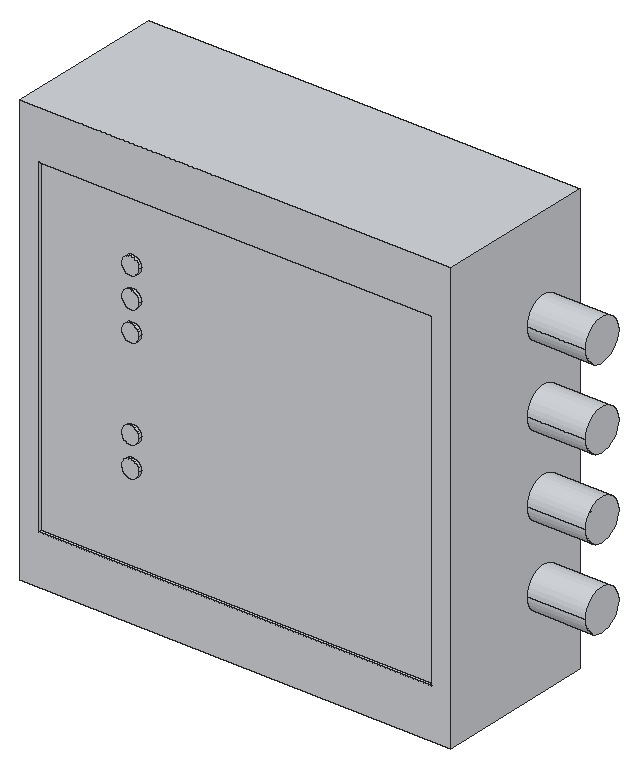
Revit family "МТС-x_18.01.2022", category Оборудование, Revit 2020
Family settings
  Размер круглого соединителя = Использовать диаметр
  Классификация = Нет
  Тип детали = Нормальный
  На основе рабочей плоскости = Нет
  Всегда вертикально = Да
  При загрузке вырезать с полостями = Нет
  Общий = Нет
  Точка расчета площади = Нет
Parameters (values of type "МТС-x")
  Электропитание (≤ 2,0 Вт, см. Приложение) [instance] = "=11÷30,5 В"
  Фирма-изготовитель [instance] = "Плазма-Т"
  Степень защиты оболочки [instance] = "IP65"
  Средний срок службы [instance] = "не менее 10 лет"
  Сопротивление подводящих проводов [instance] = "не более 300 Ом"
  Световая сигнализация_Шлейф 3_МТС-1/МТС-2/МТС-3 [instance] = "-/-/+"
  Световая сигнализация_Шлейф 2_МТС-1/МТС-2/МТС-3 [instance] = "-/+/+"
  Световая сигнализация_Шлейф 1_МТС-1/МТС-2/МТС-3 [instance] = "+/+/+"
  Световая сигнализация_Работа [instance] = "+"
  Световая сигнализация_Авария [instance] = "+"
  Отметка по умолчанию = 0 mm
  Общее описание [instance] = "Пороговый модуль контроля термокабеля МТС-х\r\nМодуль МТС-х – это блок обработки, который совместно с термокабелями является извещателем пожарным тепловым линейным (ИПТЛ).\r\n\r\nМодуль МТС-х предназначен для контроля состояния чувствительных элементов (термокабелей) и выдачи дискретных сигналов об их состоянии в линию связи. Допускается применение прибора с чувствительным элементом, расположенным во взрывоопасной зоне с использованием барьера искрозащиты ШСБ-ТК (Эрвист)."
  Напряжение/ток питания шлейфов, не более [instance] = "5,0 В/1,5 мА"
  Ширина = 160 mm
  Масса [instance] = "не более 0,5 кг"
  Контроль исправности шлейфов [instance] = "КЗ/обрыв"
  Контроль вскрытия корпуса [instance] = "+"
  Количество термошлейфов_МТС-1/МТС-2/МТС-3 [instance] = "1/2/3"
  Климатическое исполнение [instance] = "УХЛ 3.1."
  Допустимое удельное сопротивление термокабеля [instance] = "0,05÷0,70 Ом/м"
  Допустимая относительная влажность [instance] = "до 93% при 40°C"
  Длина термошлейфа (при 0,656 Ом/м) [instance] = "0÷3000 м"
  Длина термошлейфа (при 0,19 Ом/м) [instance] = "0÷10000 м"
  Диапазон рабочих температур [instance] = "от -40°C до +55°C"
  Выходы Пожар (125VAC/0,5 A, 24VDC/1A), «сухой перекидной контакт»_МТС-1/МТС-2/МТС-3 [instance] = "1/2/3"
  Выход Авария (125VAC/0,5 A, 24VDC/1A), «сухой перекидной контакт» [instance] = "+"
  Глубина = 60 mm
  Высота = 160 mm
Reference planes
  plane 1 "По центру (Вперед/Назад)": y = 0
  plane 2: z = 0
  plane 3 "По центру (Влево/Вправо)": x = 0
  plane 4: x = 160
  plane 5: y = -60
  plane 6: z = 160
  plane 7: y = -17
  plane 8: x = 41
  plane 9: z = 35
  plane 10: z = 65
  plane 11: z = 95
  plane 12: z = 125
  plane 13: z = 51.4
  plane 14: z = 62.6
  plane 15: z = 96.6
  plane 16: z = 107.8
  plane 17: z = 119
Forms (mm)
  Extrusion 1, solid
    sketch origin (0, 0, 0) x (1, 0, 0) y (0, 1, 0)
      loop
        line (0, 0) -> (0, -60) -> (160, -60) -> (160, 0) -> (0, 0)
    from 0 to 160
  Extrusion 2, void
    sketch origin (160, -60, 0) x (1, 0, 0) y (0, 0, -1)
      loop
        line (-153, -141.5) -> (-7, -141.5) -> (-7, -18.5) -> (-153, -18.5) -> (-153, -141.5)
    from 0 to 1
  Extrusion 3, solid
    sketch origin (0, -60, 0) x (0, 1, 0) y (0, 0, -1)
      loop
        circle (43, -35) r 7.6
      loop
        circle (43, -65) r 7.6
      loop
        circle (43, -95) r 7.6
      loop
        circle (43, -125) r 7.6
    from 0 to 22
  Extrusion 4, solid
    sketch origin (160, -59, 0) x (-1, 0, 0) y (0, 0, -1)
      loop
        circle (119, -51.4) r 3.25
      loop
        circle (119, -62.6) r 3.25
      loop
        circle (119, -96.6) r 3.25
      loop
        circle (119, -107.8) r 3.25
      loop
        circle (119, -119) r 3.25
    from 0 to 1
  Extrusion 5, solid
    sketch origin (160, 0, 0) x (0, -1, 0) y (0, 0, -1)
      loop
        circle (17, -125) r 7.6
      loop
        circle (17, -95) r 7.6
      loop
        circle (17, -65) r 7.6
      loop
        circle (17, -35) r 7.6
    from 0 to 22
Cuts and joins
  Extrusion 2 cuts Extrusion 1
Dimensions and locks
  "Глубина": plane 1 "По центру (Вперед/Назад)" to plane 5
  "Высота": plane 6 to level
  locked: Extrusion 2 sketch curve to plane 4 at 7
  locked: plane 6 to Extrusion 2 sketch curve at 18.5
  locked: Extrusion 2 sketch curve to plane 3 "По центру (Влево/Вправо)" at 7
  locked: Extrusion 2 sketch curve to level at 18.5
  locked: cut or joined group of Extrusion 1, Extrusion 2 to plane 8 at 34
  locked: plane 1 "По центру (Вперед/Назад)" to plane 7 at 17
  "Ширина": plane 4 to plane 3 "По центру (Влево/Вправо)"
  locked: plane 9 to level at 35
  locked: plane 10 to level at 65
  locked: plane 11 to level at 95
  locked: plane 12 to level at 125
  locked: cut or joined group of Extrusion 1, Extrusion 2 to plane 17 at 22.5
  locked: cut or joined group of Extrusion 1, Extrusion 2 to plane 16 at 33.7
  locked: cut or joined group of Extrusion 1, Extrusion 2 to plane 15 at 44.9
  locked: cut or joined group of Extrusion 1, Extrusion 2 to plane 14 at 78.9
  locked: cut or joined group of Extrusion 1, Extrusion 2 to plane 13 at 90.1
  diameter of Extrusion 3 sketch curve = 15.2 mm
  diameter of Extrusion 4 sketch curve = 6.5 mm
  aligned and locked: level to plane 2
  aligned and locked: plane 3 "По центру (Влево/Вправо)" to Extrusion 1 sketch curve
  aligned and locked: plane 1 "По центру (Вперед/Назад)" to Extrusion 1 sketch curve
  aligned and locked: Extrusion 1 sketch curve to plane 4
  aligned and locked: plane 5 to Extrusion 1 sketch curve
  aligned and locked: plane 6 to Extrusion 1
  aligned and locked: plane 7 to Extrusion 3 sketch curve  (x4)
  aligned and locked: plane 9 to Extrusion 3 sketch curve
  aligned and locked: plane 10 to Extrusion 3 sketch curve
  aligned and locked: plane 11 to Extrusion 3 sketch curve
  aligned and locked: plane 12 to Extrusion 3 sketch curve
  aligned and locked: Extrusion 5 sketch curve to Extrusion 3  (x8)
  aligned and locked: plane 8 to Extrusion 4 sketch curve  (x5)
  aligned and locked: plane 13 to Extrusion 4 sketch curve
  aligned and locked: plane 17 to Extrusion 4 sketch curve
  aligned and locked: plane 16 to Extrusion 4 sketch curve
  aligned and locked: plane 15 to Extrusion 4 sketch curve
  aligned and locked: plane 14 to Extrusion 4 sketch curve
Automatic sketch dimensions
  Extrusion 5 sketch curve to Extrusion 5 sketch curve = 0 mm  (x8)
  radius of Extrusion 3 sketch curve = 7.6 mm  (x3)
  radius of Extrusion 4 sketch curve = 3.25 mm  (x4)
Connectors
  electrical at (-22, -17, 125)
    settings: on Extrusion 3, index 1, voltage 24 V, apparent load 0 VA, apparent load phase1 0 VA, apparent load phase2 0 VA, apparent load phase3 0 VA, power factor 1, load classification "Электропитание", number of poles 1, system type 30, power factor state 1, is connector primary yes, connector utility no, sub classification motor no, connector description "12-24V"
  electrical at (-22, -17, 95)
    settings: on Extrusion 3, index 2, voltage 0 V, apparent load 0 VA, apparent load phase1 0 VA, apparent load phase2 0 VA, apparent load phase3 0 VA, power factor 1, load classification "Вход", number of poles 1, system type 11, power factor state 1, is connector primary no, connector utility no, sub classification motor no, connector description "Шлеф термокабеля"
  electrical at (-22, -17, 65)
    settings: on Extrusion 3, index 3, voltage 0 V, apparent load 0 VA, apparent load phase1 0 VA, apparent load phase2 0 VA, apparent load phase3 0 VA, power factor 1, load classification "Вход", number of poles 1, system type 11, power factor state 1, is connector primary no, connector utility no, sub classification motor no, connector description "Шлеф термокабеля"
  electrical at (-22, -17, 35)
    settings: on Extrusion 3, index 4, voltage 0 V, apparent load 0 VA, apparent load phase1 0 VA, apparent load phase2 0 VA, apparent load phase3 0 VA, power factor 1, load classification "Вход", number of poles 1, system type 11, power factor state 1, is connector primary no, connector utility no, sub classification motor no, connector description "Шлеф термокабеля"
  electrical at (182, -17, 125)
    settings: on Extrusion 5, index 5, voltage 0 V, apparent load 0 VA, apparent load phase1 0 VA, apparent load phase2 0 VA, apparent load phase3 0 VA, power factor 1, load classification "Выход", number of poles 1, system type 13, power factor state 1, is connector primary no, connector utility no, sub classification motor no, connector description "Пожар"
  electrical at (182, -17, 95)
    settings: on Extrusion 5, index 6, voltage 0 V, apparent load 0 VA, apparent load phase1 0 VA, apparent load phase2 0 VA, apparent load phase3 0 VA, power factor 1, load classification "Выход", number of poles 1, system type 13, power factor state 1, is connector primary no, connector utility no, sub classification motor no, connector description "Пожар"
  electrical at (182, -17, 65)
    settings: on Extrusion 5, index 7, voltage 0 V, apparent load 0 VA, apparent load phase1 0 VA, apparent load phase2 0 VA, apparent load phase3 0 VA, power factor 1, load classification "Выход", number of poles 1, system type 13, power factor state 1, is connector primary no, connector utility no, sub classification motor no, connector description "Пожар"
  electrical at (182, -17, 35)
    settings: on Extrusion 5, index 8, voltage 0 V, apparent load 0 VA, apparent load phase1 0 VA, apparent load phase2 0 VA, apparent load phase3 0 VA, power factor 1, load classification "Выход", number of poles 1, system type 13, power factor state 1, is connector primary no, connector utility no, sub classification motor no, connector description "Авария"
  electrical at (0, -30, 80)
    settings: on cut or joined group of Extrusion 1, Extrusion 2, index 9, voltage 0 V, apparent load 0 VA, apparent load phase1 0 VA, apparent load phase2 0 VA, apparent load phase3 0 VA, power factor 1, load classification "Прочее", number of poles 1, system type 9, power factor state 1, is connector primary no, connector utility no, sub classification motor no, connector description "RS-485"
